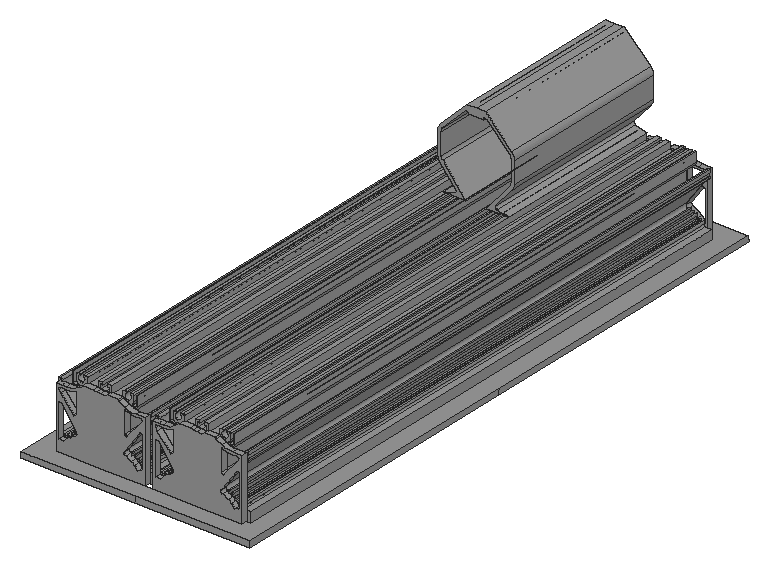
Revit family "L-street 48 Standart", category Осветительные приборы, Revit 2017 (continued)
Types (5, lengths in mm): name | built-in parameter 1150134 | Файл фотометрической сетки | built-in parameter 1150105 | Lumens | built-in parameter 1150106 | built-in parameter 1150142 | Wattage | built-in parameter 1150107 | Артикул
    .5 180.5 162.1 139.5 116 95.4 81.2 71.4 64.5 58.7 52.6 47.6 44.1 42 40.5 39.4 38.3 37.2 35.9 34.6 33.2 31.7 30.3 28.8 27.5 26.4 25.5 24.9 24.6 24.5 24.4 24.3 24.2 23.9 23.2 22.2 20.9 19.6 18.3 17.1 15.9 14.7 13.7 12.8 11.8 10.8 9.9 8.8 7.8 6.7 5.7 4.6 3.5 2.8 2.5 2.2 2.1 1.9 1.9\r\n328.9 328.8 328 326.8 325.6 323.9 321.9 319.6 317 314.2 311.4 308.7 305.8 302.6 299 294.5 289.6 284.3 279.2 274.1 269.9 266.3 263.1 259.5 255.2 249.8 244 237.6 230.5 222.2 213.2 202.5 190.1 174.5 155.5 132.5 109.6 90.7 78 69.1 62.8 57 50.9 46.2 43.3 41.5 40.3 39.3 38.3 37.1 36 34.8 33.6 31.9 30.3 28.9 27.7 26.6 25.9 25.5 25.4 25.6 25.5 25.2 24.9 24.4 23.8 22.8 21.6 20.2 18.7 17.4 16.1 15 14.1 13.3 12.3 11.2 10.2 9 8 6.9 6 5.1 3.8 3 2.5 2.2 2.1 1.9 1.9\r\n328.9 328.9 328.2 327.1 325.7 324 322.1 319.8 317.3 314.4 311.6 308.9 305.9 302.7 299 294.5 289.5 284.1 278.8 273.5 269 265.2 261.9 258.1 253.6 248.1 242.1 235.5 228.2 219.8 210.5 199.7 186.9 170.9 151.6 128.7 106.5 88.7 77 68.5 62.4 56.6 50.7 46.1 43.2 41.6 40.4 39.5 38.4 37.3 36.1 35 33.7 32 30.4 29 27.9 27 26.4 26.2 26.3 26.2 25.7 25.3 24.9 24.5 23.9 23 21.7 20.3 18.8 17.4 16.1 15.1 14.2 13.3 12.2 11.2 10.1 8.9 7.8 6.6 5.5 4.6 3.7 3 2.6 2.2 2.1 1.9 1.9\r\n328.9 328.9 328.4 327.3 325.8 324.1 322.3 320 317.5 314.7 311.9 309.1 306.1 302.8 299 294.4 289.4 283.8 278.3 272.9 268.2 264.1 260.6 256.7 252 246.4 240.3 233.4 226 217.4 207.9 196.8 183.7 167.4 147.8 124.9 103.3 86.7 75.9 67.9 62 56.3 50.4 46 43.1 41.6 40.5 39.7 38.5 37.5 36.3 35.3 33.8 32.1 30.5 29.2 28.1 27.3 26.9 27 27.1 26.8 26 25.4 25 24.6 24 23.1 21.9 20.4 18.9 17.3 16.1 15.2 14.2 13.2 12.2 11.1 9.9 8.8 7.7 6.3 5 4.1 3.5 3 2.6 2.3 2.1 1.9 1.9\r\n328.9 328.8 328 326.9 325.4 323.7 321.8 319.4 316.9 314 311.2 308.4 305.4 302 298.2 293.5 288.4 282.7 277.2 271.7 267 263.1 259.6 255.6 250.7 244.9 238.7 231.9 224.4 215.9 206.4 195.2 181.8 165.1 144.9 121.7 100.3 84.5 74.4 66.8 61 55.1 49.4 45.3 42.7 41.4 40.3 39.4 38.3 37.2 36.1 35 33.4 31.6 30.1 28.9 27.8 27.2 27 27.1 27.1 26.6 25.8 25.2 24.9 24.6 23.9 23 21.8 20.3 18.7 17.2 15.9 14.9 14 13.1 12 11 9.7 8.5 7.3 6.1 4.7 4 3.4 2.9 2.5 2.2 2.1 2 1.9\r\n328.9 328.5 327.5 326.2 324.6 322.9 320.9 318.6 316 313 310.4 307.9 305.3 302.1 298.2 293.2 287.9 282 276.4 270.7 265.6 261.1 257.3 253.3 249.2 244.1 238.7 232.6 225.9 218.2 209.8 200.4 190.6 178.9 165.2 148.6 130 110.3 93 79.2 69.6 62.4 56.1 49.4 44.1 41.6 40.4 39.7 39 38.2 37.2 36.2 35.2 33.6 31.9 30.4 29.1 28.1 27.3 27 26.9 26.7 26.1 25.2 24.6 24.3 24 23.3 22.2 20.7 19.3 17.8 16.4 15 13.8 13 12.1 11.1 10.2 9.1 8 6.9 5.8 4.8 4.2 3.6 3.2 3 2.7 2.6 2.5\r\n328.9 328.4 327.3 326 324.3 322.5 320.5 318.1 315.4 312.5 309.9 307.4 304.6 301.3 297.2 292.3 287 281.2 275.6 270.1 265.1 260.7 256.8 252.8 248.4 243.2 237.7 231.4 224.4 216.4 207.8 198.1 187.8 175.4 161 143.6 124.8 105.8 89.4 76.7 67.7 60.5 54.2 47.9 43.5 41.4 40.3 39.7 39 38.1 37.2 36.1 35 33.4 31.7 30.3 29.1 28.1 27.4 27.1 27 26.7 26.1 25.3 24.8 24.4 23.9 23.2 22 20.5 19.1 17.7 16.3 14.9 13.9 13 12.1 11.1 10.1 9.1 8 6.9 5.8 4.9 4.3 3.7 3.3 3 2.8 2.6 2.5\r\n328.9 328.2 327.1 325.7 324 322.1 320 317.5 314.8 311.9 309.4 306.9 304 300.5 296.3 291.4 286.2 280.3 274.8 269.4 264.6 260.3 256.3 252.3 247.6 242.3 236.6 230.1 222.9 214.6 205.8 195.8 185 171.9 156.7 138.7 119.7 101.2 85.8 74.2 65.7 58.6 52.2 46.5 43 41.2 40.3 39.7 38.9 38 37.1 36 34.8 33.2 31.5 30.3 29.1 28.2 27.5 27.2 27 26.8 26.1 25.4 24.9 24.5 23.9 23 21.8 20.3 18.9 17.5 16.2 14.9 14 13 12.1 11.1 10.1 9.1 8.1 7 5.8 4.9 4.3 3.7 3.3 3 2.8 2.7 2.5\r\n328.9 328.3 327.3 325.8 324.2 322.3 320.3 317.9 315.2 312.4 309.7 307.2 304.5 301.2 297.2 292.4 287.2 281.6 276.1 270.8 266 261.5 257.7 253.7 249.3 244.2 238.6 232.2 225.2 217.1 208.5 199 188.7 176.4 162.1 145.1 126.5 107.5 90.8 77.6 68.4 61 54.5 48.3 44.1 41.7 40.5 39.7 39 38.2 37.2 36.1 35 33.6 32 30.6 29.3 28.3 27.4 26.9 26.7 26.4 26 25.4 24.9 24.6 24 23.3 22.1 20.7 19.2 17.7 16.4 15 14 13.1 12.2 11.2 10.2 9.2 8.2 7.2 6.2 5.3 4.7 3.9 3.3 2.9 2.7 2.5 2.4\r\n328.9 328.4 327.4 326 324.3 322.5 320.5 318.3 315.6 312.8 310 307.5 304.9 301.9 298 293.4 288.2 282.8 277.4 272.1 267.3 262.8 259.1 255.2 251.1 246.1 240.6 234.4 227.5 219.7 211.3 202.1 192.3 180.9 167.5 151.5 133.3 113.8 95.7 81 71.2 63.5 56.7 50.1 45.2 42.2 40.7 39.8 39.1 38.3 37.2 36.3 35.2 34 32.4 30.9 29.6 28.5 27.4 26.6 26.3 26.1 25.9 25.5 25 24.7 24.2 23.5 22.4 21 19.5 17.9 16.6 15.2 14.1 13.2 12.3 11.3 10.3 9.3 8.4 7.5 6.5 5.8 5 4.1 3.4 2.9 2.6 2.4 2.4\r\n328.9 328.5 327.5 326 324.4 322.6 320.7 318.6 316 313.3 310.5 308 305.6 302.7 299.2 294.9 290.1 285 279.8 274.6 269.8 265.3 261.5 257.8 253.8 249 243.7 237.7 231.2 223.7 215.6 206.5 196.9 185.9 173.2 157.7 140 120.3 101.3 85.2 74 65.7 58.7 51.9 46.6 43.1 41.1 39.9 39.1 38.3 37.2 36.2 35.1 33.9 32.4 31 29.5 28.3 27.2 26.3 25.7 25.4 25.1 24.8 24.6 24.4 24 23.2 22.1 20.8 19.3 17.9 16.5 15.2 13.9 12.9 11.9 11 10.1 9.3 8.6 7.8 6.7 5.8 5 4.1 3.3 2.9 2.6 2.5 2.4\r\n328.9 328.5 327.5 326.1 324.4 322.8 320.9 318.8 316.4 313.8 311 308.5 306.2 303.6 300.5 296.5 292.1 287.1 282.2 277.1 272.3 267.8 264 260.3 256.5 251.9 246.8 241.1 234.9 227.7 219.8 210.9 201.5 191 178.9 164 146.7 126.9 106.9 89.3 76.8 67.9 60.6 53.7 48 43.9 41.5 40 39.1 38.3 37.3 36.1 34.9 33.8 32.4 31.1 29.5 28.1 26.9 26 25 24.6 24.4 24.2 24.2 24.1 23.8 22.9 21.8 20.5 19.2 17.9 16.5 15.3 13.7 12.6 11.5 10.6 9.8 9.3 8.9 8.1 6.8 5.9 4.9 4.1 3.3 2.9 2.7 2.5 2.5\r\n328.9 328.4 327.3 326 324.3 322.6 320.8 318.7 316.4 313.8 311.2 308.8 306.7 304.2 301.3 297.6 293.4 288.7 283.9 279 274.4 270.1 266.3 262.8 259.2 254.8 249.9 244.4 238.4 231.5 223.8 215.2 206.2 196 184.4 170.1 153.6 134.3 114.3 95.5 81.4 71.2 63.5 56.4 50.4 45.7 42.6 40.7 39.6 38.6 37.6 36.3 35.1 33.8 32.4 31.1 29.6 28.3 27.1 26 25 24.3 23.8 23.4 23.2 22.9 22.6 22 21.2 20 18.8 17.4 16.1 15.1 14 13.1 12.3 11.5 10.5 9.7 8.9 8.1 6.9 5.8 4.6 3.9 3.2 2.9 2.8 2.6 2.5\r\n328.9 328.3 327.1 325.8 324.1 322.5 320.7 318.6 316.4 313.8 311.4 309.2 307.1 304.9 302.1 298.7 294.7 290.2 285.7 281 276.6 272.4 268.7 265.3 261.9 257.7 253.1 247.7 242 235.3 227.9 219.6 210.8 201 189.9 176.3 160.5 141.7 121.6 101.8 85.9 74.6 66.3 59.1 52.7 47.5 43.8 41.4 40 38.9 37.9 36.5 35.2 33.8 32.4 31 29.7 28.6 27.2 26.1 24.9 24 23.3 22.6 22.1 21.8 21.4 21.2 20.5 19.5 18.3 16.9 15.7 14.9 14.2 13.6 13.1 12.3 11.2 10 8.9 8.1 7 5.7 4.3 3.7 3.2 3 2.9 2.6 2.6\r\n328.9 328.3 327.2 325.9 324.3 322.7 320.9 319 316.9 314.4 312.1 310 308.1 306.1 303.7 300.8 297.1 292.9 288.6 284.1 279.9 275.8 272.2 268.8 265.6 261.8 257.7 252.8 247.5 241.3 234.6 226.9 218.6 209.2 199 186.4 171.7 154 134.3 113.6 95.5 81.3 71.5 63.4 56.6 50.7 46.2 43.1 41.1 39.6 38.4 36.9 35.4 33.9 32.5 31.1 29.7 28.5 27.4 26.2 25.1 24 23.2 22.3 21.7 21.2 20.8 20.3 19.7 18.9 17.9 16.7 15.8 15.2 14.7 14.4 13.9 13.3 12.3 11.3 10.2 8.7 6.7 5.4 4.3 3.7 3.2 3 2.9 2.7 2.7\r\n328.9 328.4 327.3 326 324.4 322.9 321.1 319.4 317.4 315 312.8 310.8 309.1 307.4 305.4 302.8 299.5 295.5 291.5 287.2 283.3 279.3 275.7 272.3 269.3 266 262.3 257.9 253 247.4 241.2 234.1 226.3 217.5 208 196.5 182.9 166.3 147.1 125.4 105 88.1 76.6 67.8 60.4 53.9 48.7 44.8 42.1 40.3 38.9 37.2 35.6 34.1 32.7 31.2 29.7 28.5 27.5 26.4 25.3 24.1 23.1 22 21.2 20.6 20.1 19.5 18.9 18.2 17.4 16.6 15.9 15.5 15.3 15.1 14.8 14.2 13.5 12.6 11.4 9.4 6.5 5.1 4.3 3.7 3.2 3.1 3 2.8 2.8\r\n328.9 328.3 327.3 326.1 324.5 323.1 321.5 319.9 318 315.9 313.8 311.8 310.2 308.7 307.1 304.9 302 298.5 294.9 291.1 287.4 283.8 280.3 277.1 274.1 271 267.8 263.9 259.6 254.7 249.2 243.1 236.3 228.6 220.2 209.9 197.9 183.1 166 145.9 125.1 104.9 88.8 76.6 67.5 59.9 53.7 48.7 45.1 42.3 40.2 38.2 36.2 34.5 33 31.5 30.1 28.7 27.5 26.3 25.2 24.1 23 21.9 21.1 20.5 20 19.5 18.9 18.2 17.3 16.6 16 15.7 15.4 15.1 14.9 14.4 13.5 12.1 10 8 6.1 4.8 4.1 3.6 3.2 3.1 2.9 2.8 2.7\r\n328.9 328.2 327.4 326.1 324.6 323.3 321.8 320.3 318.6 316.8 314.8 312.8 311.3 310.1 308.8 306.9 304.5 301.5 298.2 294.9 291.5 288.2 285 281.8 278.9 276.1 273.3 270 266.3 261.9 257.2 252 246.3 239.7 232.4 223.4 212.9 199.9 184.8 166.5 145.2 121.8 101 85.3 74.6 66 58.7 52.7 48 44.3 41.6 39.1 36.8 34.9 33.4 31.8 30.4 28.9 27.5 26.3 25.1 24.1 22.8 21.8 20.9 20.4 19.9 19.4 18.9 18.1 17.3 16.7 16.2 15.8 15.4 15.2 15 14.6 13.6 11.7 8.6 6.6 5.6 4.6 3.8 3.4 3.2 3 2.9 2.7 2.6\r\n328.9 328.3 327.4 326.2 324.8 323.4 322 320.6 319 317.4 315.6 313.9 312.5 311.5 310.4 308.9 306.9 304.4 301.6 298.6 295.6 292.6 289.8 286.9 284.2 281.5 279 276.2 273.3 269.9 266.1 262 257.3 251.7 245.1 237 227.8 216.7 204.1 188.6 170.2 148.3 126.2 105.7 89.6 77.4 68.1 60.4 54.4 49.5 45.8 42.4 39.3 36.7 34.7 32.8 31.2 29.8 28.4 27 25.7 24.5 23.2 22.1 21.1 20.5 19.9 19.4 18.9 18.2 17.5 16.7 16 15.5 15 14.6 14.2 13.4 11.8 9.7 7.6 6.3 5.3 4.5 3.8 3.6 3.4 3.2 3 3 2.8\r\n328.9 328.3 327.4 326.2 324.9 323.6 322.2 320.9 319.5 318 316.4 315 313.8 312.9 312.1 310.8 309.3 307.3 304.9 302.3 299.6 297 294.5 292 289.5 287 284.7 282.4 280.3 277.8 275.1 271.9 268.3 263.8 257.9 250.7 242.6 233.5 223.3 210.6 195.1 174.9 151.4 126.1 104.5 88.7 77.6 68.2 60.9 54.7 49.9 45.6 41.7 38.6 36 33.8 32 30.6 29.3 27.7 26.2 24.8 23.6 22.4 21.3 20.5 19.8 19.4 18.9 18.4 17.7 16.7 15.8 15.2 14.6 14 13.3 12.2 9.9 7.6 6.6 5.9 5 4.3 3.8 3.7 3.5 3.3 3.2 3.2 3\r\n328.9 328.3 327.4 326.3 325 323.7 322.5 321.2 320 318.6 317.3 316.1 315 314.2 313.4 312.5 311.4 309.9 307.9 305.7 303.4 301 298.8 296.6 294.4 292.1 289.9 288.1 286.4 284.6 282.4 279.7 276.6 272.6 267.4 261 253.8 245.6 236.3 224.9 211.2 193.4 172.2 147.7 123.9 103.1 87.6 76 67.4 60.2 54.5 49.3 44.7 41 37.8 35.2 33 31.4 30 28.5 27.2 25.8 24.4 23.1 21.8 20.9 20.1 19.4 18.7 18.1 17.5 16.5 15.5 14.7 13.9 13.1 11.9 10.4 8.7 7.1 6.1 5.4 4.6 4.1 3.7 3.6 3.4 3.2 3.2 3.1 3\r\n328.9 328.3 327.3 326.3 325 323.9 322.8 321.6 320.6 319.3 318.3 317.2 316.3 315.4 314.8 314.2 313.5 312.4 310.9 309.1 307.1 305 303.1 301.2 299.3 297.1 295.2 293.7 292.5 291.3 289.7 287.5 284.9 281.3 276.8 271.4 265 257.6 249.3 239.1 227.3 211.9 193 169.4 143.3 117.6 97.7 83.8 73.9 65.8 59 53 47.7 43.4 39.6 36.7 34.1 32.2 30.6 29.4 28.2 26.8 25.2 23.7 22.3 21.3 20.3 19.4 18.5 17.8 17.3 16.4 15.2 14.2 13.3 12.2 10.5 8.6 7.4 6.5 5.7 4.9 4.2 3.8 3.5 3.4 3.3 3.1 3.1 3 2.9\r\n328.9 328.3 327.4 326.4 325.2 324.1 323.1 322.1 321.2 320.1 319.3 318.4 317.7 317 316.6 316.2 315.9 315.2 314.4 313 311.5 309.9 308.3 306.8 305.2 303.5 302.1 300.8 299.7 298.6 297.2 295.3 292.9 289.7 285.7 281.1 276 270 263.3 255 245.6 233.5 218.8 200 177.9 153.4 130.2 109.4 92.8 80.1 70.9 63 56.2 50.5 45.6 41.7 38.3 35.6 33.4 31.6 29.9 28.4 26.9 25.3 23.8 22.3 21 19.8 18.6 17.6 16.7 15.6 14.5 13.5 12.3 10.9 9.4 8.1 7 6.3 5.4 4.7 4.1 3.8 3.5 3.4 3.3 3.2 3.1 3 2.8\r\n328.9 328.3 327.4 326.4 325.4 324.3 323.4 322.5 321.8 320.9 320.3 319.7 319.1 318.5 318.3 318.2 318.2 318.1 317.8 317 315.9 314.8 313.6 312.3 311.2 309.9 308.9 307.9 306.9 305.9 304.7 303.1 301 298.1 294.6 290.8 286.9 282.5 277.3 270.8 263.9 255.2 244.7 230.6 212.5 189.1 162.7 134.9 111.7 94.5 82.7 73 64.7 57.6 51.6 46.8 42.5 39.1 36.2 33.7 31.7 30.1 28.6 26.9 25.2 23.3 21.7 20.2 18.8 17.3 16.1 14.8 13.8 12.7 11.4 9.7 8.2 7.5 6.7 6 5.1 4.5 4 3.7 3.5 3.4 3.3 3.2 3 2.9 2.7\r\n328.9 328.3 327.5 326.5 325.6 324.6 323.8 323 322.4 321.8 321.3 320.8 320.5 320.2 320.1 320.1 320.3 320.4 320.5 320.3 319.8 319.2 318.4 317.6 316.8 316 315.3 314.6 313.6 312.5 311.3 309.7 308.1 306.1 303.8 301.2 298.2 294.8 290.9 286.1 280.7 273.9 265.8 255.1 241.4 223 201.1 175.6 150.5 127.1 107.9 92.1 79.9 70.7 62.9 56.5 51 46.3 42.3 38.9 35.9 33.5 31.4 29.3 27.4 25.4 23.4 21.5 19.6 17.9 16.4 14.9 13.5 12.2 10.7 9.2 8 7.3 6.5 5.8 5 4.4 4 3.7 3.5 3.4 3.2 3.1 3.1 2.9 2.7\r\n328.9 328.3 327.5 326.5 325.7 324.8 324.2 323.4 323 322.6 322.2 322 322 321.8 321.8 322 322.3 322.8 323.3 323.7 323.7 323.6 323.3 322.8 322.4 322 321.7 321.3 320.4 319.2 317.8 316.4 315.1 314.1 313 311.5 309.4 307.1 304.5 301.5 297.5 292.5 286.9 279.6 270.3 256.9 239.5 216.4 189.4 159.8 133 111.1 95.1 83.7 74.1 66.2 59.4 53.5 48.3 44 40.1 36.9 34.1 31.7 29.6 27.5 25.2 22.8 20.5 18.5 16.7 15 13.2 11.6 10 8.6 7.8 7.1 6.3 5.6 4.9 4.3 4 3.7 3.5 3.4 3.2 3.1 3.1 2.9 2.8\r\n328.9 328.3 327.5 326.7 325.9 325.2 324.5 323.9 323.6 323.4 323.2 323.2 323.3 323.4 323.6 323.9 324.4 325 325.8 326.6 327.2 327.7 328.1 328.2 328.3 328.2 328.2 328 327.5 326.6 325.7 324.7 323.8 322.9 322.2 321.6 320.8 319.8 318.3 316.3 313.8 310.2 306.1 300.8 294 284.6 272.4 256 236.1 212.2 187.5 162.7 139.2 118.7 101.4 88.7 78.9 70.9 63.7 57.4 51.7 46.9 42.7 39.2 36.1 33.2 30.4 27.8 25.1 22.3 19.4 16.8 14.5 12.4 10.5 8.9 7.9 7.1 6.3 5.6 4.9 4.5 4.1 3.9 3.6 3.5 3.3 3.1 3.1 3 2.8\r\n328.9 328.3 327.6 326.8 326.1 325.5 324.8 324.4 324.2 324.1 324.1 324.3 324.6 325 325.3 325.8 326.4 327.3 328.4 329.6 330.7 331.8 332.9 333.7 334.2 334.4 334.6 334.6 334.5 334.1 333.6 333 332.4 331.8 331.3 331.6 332.2 332.4 332.1 331.2 330 327.9 325.3 322 317.7 312.2 305.2 295.6 282.7 264.7 242.1 214.3 183.2 153.7 128.6 111.1 98.4 88.2 79 70.7 63.4 57 51.4 46.8 42.7 38.9 35.6 32.7 29.8 26.2 22.1 18.6 15.7 13.2 11.1 9.2 7.9 7.2 6.3 5.5 5 4.6 4.2 4 3.8 3.6 3.4 3.2 3.1 3 2.8\r\n328.9 328.3 327.6 326.9 326.3 325.7 325.2 324.9 324.8 324.9 325 325.4 326 326.6 327.2 327.9 328.7 329.8 331 332.6 334.1 335.5 337 338.3 339.4 340.2 341 341.5 341.9 341.9 341.8 341.8 341.8 341.7 341.7 342.2 343 343.7 344.4 345.1 345.4 345 343.8 342.1 339.5 336.2 332 326 317.8 306.3 291.8 272.9 250.1 225.3 199.7 176 153.2 132.7 115.4 102.1 91 81.4 73 66.1 60 54.7 49.9 45.4 40.9 37.4 33.4 27.5 20.8 15.8 12.1 9.5 8.1 7.3 6.3 5.6 5.1 4.7 4.4 4.1 3.9 3.7 3.5 3.3 3.1 3 2.7\r\n328.9 328.2 327.6 327 326.5 326 325.6 325.4 325.5 325.6 325.9 326.5 327.4 328.1 329.1 330 331 332.3 333.7 335.5 337.4 339.2 341.1 342.9 344.6 346.1 347.5 348.4 349.2 349.6 349.9 350.6 351.2 351.6 352.1 352.8 353.7 354.9 356.8 359 360.9 362.1 362.4 362.1 361.3 360.3 358.8 356.4 352.9 348 341.5 331.6 316.9 296.9 270.9 241 207.9 177.1 151.8 133.4 118.6 105.9 94.6 85.5 77.4 70.4 64.2 58.1 52 48.5 44.8 36.4 26 18.3 13.2 9.7 8.3 7.3 6.4 5.7 5.3 4.9 4.6 4.3 4.1 3.8 3.5 3.3 3.2 3 2.7\r\n328.9 328.3 327.7 327.2 326.8 326.4 326.2 326.3 326.5 326.9 327.5 328.4 329.4 330.3 331.5 332.7 334.1 335.7 337.3 339.3 341.4 343.4 345.5 347.5 349.5 351.4 353.2 354.6 355.8 356.9 357.9 359.1 360.2 361.2 362.3 363.5 364.9 366.5 368.5 370.5 372.5 374.4 376.3 378.1 379.5 380.6 381.1 380.8 379.8 377.7 374.3 368.4 359.1 345.9 327.7 304.5 276.1 244.7 213.5 184.8 160.1 139.8 123.9 110.7 99.4 89.4 80.7 71.9 63.8 57.1 47.7 34.1 23.6 16.2 11.8 9.4 8.2 7.2 6.4 5.9 5.4 5.1 4.8 4.4 4.1 3.9 3.6 3.4 3.3 2.9 2.6\r\n328.9 328.4 327.8 327.4 327 326.9 326.9 327.2 327.6 328.2 329.1 330.2 331.3 332.5 334 335.4 337.2 339 341 343.1 345.3 347.6 349.9 352 354.4 356.8 359 360.8 362.5 364.2 365.9 367.5 369.2 370.8 372.5 374.2 376.1 378 380.1 382 384 386.7 390.2 394.1 397.7 400.9 403.4 405.2 406.6 407.4 407 405.2 401.4 394.8 384.5 368.1 344.3 312.2 275.1 236.1 201.6 173.7 153.2 135.9 121.4 108.5 97.3 85.7 75.7 65.8 50.7 31.8 21.2 14.2 10.5 9.1 8.1 7.1 6.5 6 5.6 5.2 4.9 4.5 4.2 4 3.7 3.5 3.3 2.8 2.6\r\n328.9 328.4 328 327.6 327.4 327.3 327.5 327.8 328.4 329.1 330.1 331.2 332.5 333.9 335.4 337.2 339.2 341.2 343.4 345.6 347.9 350.2 352.5 354.9 357.5 360.1 362.7 365 367.3 369.6 372.1 374.5 376.9 379.4 381.9 384.5 387.2 389.9 392.3 394.5 396.5 399.1 402.4 406.4 411 415.7 420.8 426.1 431.7 436.7 440.9 444 445.9 446.2 443.7 437 425.2 407 383.2 354.1 322 286.4 250 212.6 180.4 154.2 132.7 112.6 94.8 76.3 53.5 33.6 22.7 15 11.3 9.9 8.7 7.7 7.1 6.6 6.1 5.7 5.4 4.9 4.6 4.3 4.1 3.9 3.6 3 2.6\r\n328.9 328.5 328.1 327.8 327.8 327.7 328 328.4 329.1 330 331.1 332.3 333.7 335.2 336.9 338.9 341.2 343.5 345.8 348.1 350.4 352.8 355.2 357.7 360.5 363.5 366.3 369.1 372 375.1 378.2 381.4 384.6 387.9 391.4 394.8 398.4 401.7 404.6 406.9 409 411.5 414.6 418.7 424.3 430.5 438.2 447.1 456.7 466 474.8 482.9 490.5 497.5 502.8 506 506 501.8 491.4 472.1 442.3 399.1 346.7 289.2 239.4 199.9 168.1 139.5 114 86.9 56.3 35.4 24.2 15.9 12.1 10.6 9.4 8.3 7.7 7.1 6.6 6.2 5.8 5.3 4.9 4.6 4.4 4.2 3.8 3.1 2.7\r\n328.9 328.5 328.2 328 328 328.1 328.4 329 329.8 330.8 331.9 333.2 334.6 336.2 338.1 340.3 342.7 345.1 347.5 349.9 352.3 354.8 357.2 359.8 362.8 365.8 368.8 371.8 375.1 378.5 382.1 386 
